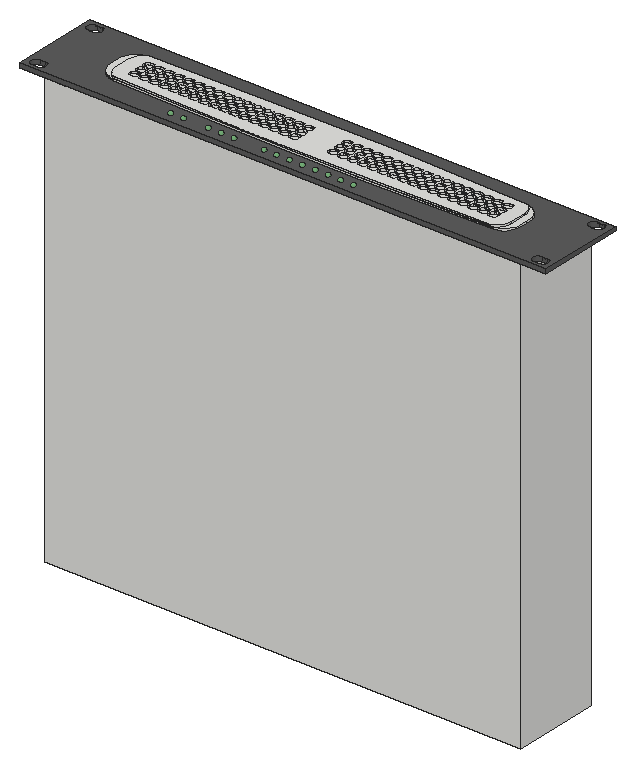
Revit family "Electronics_Amplifiers_Biamp_Vocia_Networked_VA-4300CV___", category Communication Devices, host Face, Revit 2020
Family settings
  Host = Face
  Maintain Annotation Orientation = No
  Round Connector Dimension = Use Diameter
  Part Type = Normal
  OmniClass Number = 23.85.10.11.14.14.17
  OmniClass Title = Sound Amplifiers
  Cut with Voids When Loaded = Yes
  Shared = No
  Room Calculation Point = No
Parameters (values of type "VA-4300CV")
  Width = 19.00"  # constant formula
  Weight = 22.30 lbf  # constant formula
  Watts per channel = "300W 70V/100V constant voltage"  # constant formula
  Voltage = 120 V
  URL = "https://www.biamp.com/"
  Total Output Power = "4x300W"  # constant formula
  Temperature Range = "18 - 108° F (-8°C - 42°C)"  # constant formula
  THD+N = "20Hz-20kHz, at rated power: < 0.3%"  # constant formula
  Signal to Noise Ratio = "20Hz-20kHz, unweighted at rated power: > 100dB"  # constant formula
  Product data url = "https://www.bimobject.com/biamp/product/vocia-va-4300cv_amplifier"
  Product Page URL = "https://www.biamp.com/products/product-families/vocia/vocia-amplifiers#vocia-va-4300cv"
  Product Documentation Link = "https://downloads.biamp.com/assets/docs/default-source/data-sheets/biamp_data_sheet_vocia_va-4300cv_oct18.pdf"
  Power Note = "Amplifier has battery back-up"  # constant formula
  Power Factor = 1
  Number of Poles = 1
  Network Connection = "Dual RJ-45 inputs for network redundancy"  # constant formula
  Model = "Vocia VA-4300CV"  # constant formula
  Manufacturer = "Biamp"  # constant formula
  Line monitoring = "Passive end of line monitoring (PLD-2), Active end of line monitoring (ELD-1), Impedance monitoring, Pilot tone generation"  # constant formula
  Intermodulation distortion = "SMPTE at continuous power: < 0.35% at 100V <0.65% at 70V"  # constant formula
  Inter-channel Isolation = "20Hz-20kHz at rated power: > 80dB"  # constant formula
  Inputs = "CobraNet 20 bits,  48kHz, 5-1/3ms (fixed)"  # constant formula
  Humidity = "0-95% relative humidity (non-condensing)"  # constant formula
  Housing Material = Biamp - Metal - Silver
  Height = 3.50"  # constant formula
  Frequency Response = "20Hz-20kHz: +/- 1dB"  # constant formula
  Failover Support = "Chassis or Channel 1:1, 3:1"  # constant formula
  Extended Audio Delay = "Up to 32 Seconds (10km) per channel"  # constant formula
  Description = "Vocia® VA-4300CV Networked Amplifier"  # constant formula
  Depth = 17.50"  # constant formula
  Default Elevation = 48.00"
  Current = 3.6 A
  Connector Description = "100-240VAC; 50/60Hz; 3.6-1.5A"  # constant formula
  Compliance = "EN 54-16 certified  FCC Part 15B (USA) CE Marked (Europe) RCM (Australia) RoHS Directive (Europe)"  # constant formula
  Channels = "4 – fixed"  # constant formula
  Assembly Code = ""
  Apparent Load = Current * Voltage  # 432 VA
  Amplifier Topology = "Class D"  # constant formula
  Altitude = "0-10,000 ft (0-3000m) MSL"  # constant formula
Reference planes (in)
  plane 1 "Center (Front/Back)": y = 0
  plane 2: z = 0
  plane 3 "Center (Left/Right)": x = 0
  plane 4: x = 20.06192
  plane 5: y = 1.40576
  plane 6: y = -1.40585
  plane 7: y = -1.75
  plane 8: y = 1.75
Forms (in)
  Extrusion 1, solid, material "Biamp - Metal - Silver" <- "Housing Material", detail levels medium+fine
    sketch origin (10.03141, -1.75, -6.93265) x (1, 0, 0) y (0, 1, 0)
      loop
        line (2.33416, 2.87125) -> (-2.33416, 2.87125)
        arc (-2.33416, 2.87125) -> (-4.9297, 2.84215) -> (-7.52393, 2.75486) r 115.76635
        arc (-7.52393, 2.75486) -> (-7.94905, 2.5935) -> (-8.19527, 2.21122) r 0.72733
        line (-8.19527, 2.21122) -> (-8.19527, 1.87684) -> (-8.19527, 1.51121)
        arc (-8.19527, 1.51121) -> (-7.94905, 1.12893) -> (-7.52393, 0.96757) r 0.72733
        arc (-7.52393, 0.96757) -> (-4.9297, 0.88028) -> (-2.33416, 0.85118) r 115.76635
        line (-2.33416, 0.85118) -> (2.33416, 0.85118)
        arc (2.33416, 0.85118) -> (4.9297, 0.88028) -> (7.52393, 0.96757) r 115.76635
        arc (7.52393, 0.96757) -> (7.94905, 1.12893) -> (8.19527, 1.51121) r 0.72733
        line (8.19527, 1.51121) -> (8.19527, 1.87684) -> (8.19527, 2.21122)
        arc (8.19527, 2.21122) -> (7.94905, 2.5935) -> (7.52393, 2.75486) r 0.72733
        arc (7.52393, 2.75486) -> (4.9297, 2.84215) -> (2.33416, 2.87125) r 115.76635
    from 7.09961 to 7.16
  Extrusion 2, solid, material "Biamp - Metal - Silver" <- "Housing Material", detail levels medium+fine
    sketch origin (10.03141, -1.75, -6.93265) x (1, 0, 0) y (0, 1, 0)
      loop
        line (2.02829, 2.84908) -> (-2.02829, 2.84908)
        arc (-2.02829, 2.84908) -> (-4.7778, 2.82372) -> (-7.52594, 2.73305) r 115.74395
        arc (-7.52594, 2.73305) -> (-7.79312, 2.52382) -> (-7.8941, 2.19985) r 0.57019
        line (-7.8941, 2.19985) -> (-7.8941, 1.50958)
        arc (-7.8941, 1.50958) -> (-7.78659, 1.189) -> (-7.50755, 0.99803) r 0.53175
        arc (-7.50755, 0.99803) -> (-4.76475, 0.90754) -> (-2.02057, 0.88211) r 115.74148
        line (-2.02057, 0.88211) -> (2.02057, 0.88211)
        arc (2.02057, 0.88211) -> (4.76475, 0.90754) -> (7.50755, 0.99803) r 115.74148
        arc (7.50755, 0.99803) -> (7.78659, 1.189) -> (7.8941, 1.50958) r 0.53175
        line (7.8941, 1.50958) -> (7.8941, 2.19985)
        arc (7.8941, 2.19985) -> (7.79312, 2.52382) -> (7.52594, 2.73305) r 0.57019
        arc (7.52594, 2.73305) -> (4.7778, 2.82372) -> (2.02829, 2.84908) r 115.74395
      loop
        arc (-0.56362, 2.25574) -> (-0.60272, 2.35013) -> (-0.6971, 2.38922) r 0.13348
        line (-0.6971, 2.38922) -> (-0.78821, 2.38922)
        arc (-0.78821, 2.38922) -> (-0.8826, 2.35013) -> (-0.9217, 2.25574) r 0.13348
        line (-0.9217, 2.25574) -> (-0.9217, 2.21476)
        arc (-0.9217, 2.21476) -> (-0.88078, 2.11599) -> (-0.78201, 2.07508) r 0.13968
        line (-0.78201, 2.07508) -> (-0.70331, 2.07508)
        arc (-0.70331, 2.07508) -> (-0.60454, 2.11599) -> (-0.56362, 2.21476) r 0.13968
        line (-0.56362, 2.21476) -> (-0.56362, 2.25574)
      loop
        arc (-0.96362, 2.25574) -> (-1.00272, 2.35013) -> (-1.0971, 2.38922) r 0.13348
        line (-1.0971, 2.38922) -> (-1.18821, 2.38922)
        arc (-1.18821, 2.38922) -> (-1.2826, 2.35013) -> (-1.3217, 2.25574) r 0.13348
        line (-1.3217, 2.25574) -> (-1.3217, 2.21476)
        arc (-1.3217, 2.21476) -> (-1.28078, 2.11599) -> (-1.18201, 2.07508) r 0.13968
        line (-1.18201, 2.07508) -> (-1.10331, 2.07508)
        arc (-1.10331, 2.07508) -> (-1.00454, 2.11599) -> (-0.96362, 2.21476) r 0.13968
        line (-0.96362, 2.21476) -> (-0.96362, 2.25574)
      loop
        arc (-1.36362, 2.25574) -> (-1.40272, 2.35013) -> (-1.4971, 2.38922) r 0.13348
        line (-1.4971, 2.38922) -> (-1.58821, 2.38922)
        arc (-1.58821, 2.38922) -> (-1.6826, 2.35013) -> (-1.7217, 2.25574) r 0.13348
        line (-1.7217, 2.25574) -> (-1.7217, 2.21476)
        arc (-1.7217, 2.21476) -> (-1.68078, 2.11599) -> (-1.58201, 2.07508) r 0.13968
        line (-1.58201, 2.07508) -> (-1.50331, 2.07508)
        arc (-1.50331, 2.07508) -> (-1.40454, 2.11599) -> (-1.36362, 2.21476) r 0.13968
        line (-1.36362, 2.21476) -> (-1.36362, 2.25574)
      loop
        arc (-1.76362, 2.25574) -> (-1.80272, 2.35013) -> (-1.8971, 2.38922) r 0.13348
        line (-1.8971, 2.38922) -> (-1.98821, 2.38922)
        arc (-1.98821, 2.38922) -> (-2.0826, 2.35013) -> (-2.1217, 2.25574) r 0.13348
        line (-2.1217, 2.25574) -> (-2.1217, 2.21476)
        arc (-2.1217, 2.21476) -> (-2.08078, 2.11599) -> (-1.98201, 2.07508) r 0.13968
        line (-1.98201, 2.07508) -> (-1.90331, 2.07508)
        arc (-1.90331, 2.07508) -> (-1.80454, 2.11599) -> (-1.76362, 2.21476) r 0.13968
        line (-1.76362, 2.21476) -> (-1.76362, 2.25574)
      loop
        arc (-2.16362, 2.25574) -> (-2.20272, 2.35013) -> (-2.2971, 2.38922) r 0.13348
        line (-2.2971, 2.38922) -> (-2.38821, 2.38922)
        arc (-2.38821, 2.38922) -> (-2.4826, 2.35013) -> (-2.5217, 2.25574) r 0.13348
        line (-2.5217, 2.25574) -> (-2.5217, 2.21476)
        arc (-2.5217, 2.21476) -> (-2.48078, 2.11599) -> (-2.38201, 2.07508) r 0.13968
        line (-2.38201, 2.07508) -> (-2.30331, 2.07508)
        arc (-2.30331, 2.07508) -> (-2.20454, 2.11599) -> (-2.16362, 2.21476) r 0.13968
        line (-2.16362, 2.21476) -> (-2.16362, 2.25574)
      loop
        arc (-2.56362, 2.25574) -> (-2.60272, 2.35013) -> (-2.6971, 2.38922) r 0.13348
        line (-2.6971, 2.38922) -> (-2.78821, 2.38922)
        arc (-2.78821, 2.38922) -> (-2.8826, 2.35013) -> (-2.9217, 2.25574) r 0.13348
        line (-2.9217, 2.25574) -> (-2.9217, 2.21476)
        arc (-2.9217, 2.21476) -> (-2.88078, 2.11599) -> (-2.78201, 2.07508) r 0.13968
        line (-2.78201, 2.07508) -> (-2.70331, 2.07508)
        arc (-2.70331, 2.07508) -> (-2.60454, 2.11599) -> (-2.56362, 2.21476) r 0.13968
        line (-2.56362, 2.21476) -> (-2.56362, 2.25574)
      loop
        arc (-2.96362, 2.25574) -> (-3.00272, 2.35013) -> (-3.0971, 2.38922) r 0.13348
        line (-3.0971, 2.38922) -> (-3.18821, 2.38922)
        arc (-3.18821, 2.38922) -> (-3.2826, 2.35013) -> (-3.3217, 2.25574) r 0.13348
        line (-3.3217, 2.25574) -> (-3.3217, 2.21476)
        arc (-3.3217, 2.21476) -> (-3.28078, 2.11599) -> (-3.18201, 2.07508) r 0.13968
        line (-3.18201, 2.07508) -> (-3.10331, 2.07508)
        arc (-3.10331, 2.07508) -> (-3.00454, 2.11599) -> (-2.96362, 2.21476) r 0.13968
        line (-2.96362, 2.21476) -> (-2.96362, 2.25574)
      loop
        arc (-3.36362, 2.25574) -> (-3.40272, 2.35013) -> (-3.4971, 2.38922) r 0.13348
        line (-3.4971, 2.38922) -> (-3.58821, 2.38922)
        arc (-3.58821, 2.38922) -> (-3.6826, 2.35013) -> (-3.7217, 2.25574) r 0.13348
        line (-3.7217, 2.25574) -> (-3.7217, 2.21476)
        arc (-3.7217, 2.21476) -> (-3.68078, 2.11599) -> (-3.58201, 2.07508) r 0.13968
        line (-3.58201, 2.07508) -> (-3.50331, 2.07508)
        arc (-3.50331, 2.07508) -> (-3.40454, 2.11599) -> (-3.36362, 2.21476) r 0.13968
        line (-3.36362, 2.21476) -> (-3.36362, 2.25574)
      loop
        arc (-3.76362, 2.25574) -> (-3.80272, 2.35013) -> (-3.8971, 2.38922) r 0.13348
        line (-3.8971, 2.38922) -> (-3.98821, 2.38922)
        arc (-3.98821, 2.38922) -> (-4.0826, 2.35013) -> (-4.1217, 2.25574) r 0.13348
        line (-4.1217, 2.25574) -> (-4.1217, 2.21476)
        arc (-4.1217, 2.21476) -> (-4.08078, 2.11599) -> (-3.98201, 2.07508) r 0.13968
        line (-3.98201, 2.07508) -> (-3.90331, 2.07508)
        arc (-3.90331, 2.07508) -> (-3.80454, 2.11599) -> (-3.76362, 2.21476) r 0.13968
        line (-3.76362, 2.21476) -> (-3.76362, 2.25574)
      loop
        arc (-4.16362, 2.25574) -> (-4.20272, 2.35013) -> (-4.2971, 2.38922) r 0.13348
        line (-4.2971, 2.38922) -> (-4.38821, 2.38922)
        arc (-4.38821, 2.38922) -> (-4.4826, 2.35013) -> (-4.5217, 2.25574) r 0.13348
        line (-4.5217, 2.25574) -> (-4.5217, 2.21476)
        arc (-4.5217, 2.21476) -> (-4.48078, 2.11599) -> (-4.38201, 2.07508) r 0.13968
        line (-4.38201, 2.07508) -> (-4.30331, 2.07508)
        arc (-4.30331, 2.07508) -> (-4.20454, 2.11599) -> (-4.16362, 2.21476) r 0.13968
        line (-4.16362, 2.21476) -> (-4.16362, 2.25574)
      loop
        arc (-4.56362, 2.25574) -> (-4.60272, 2.35013) -> (-4.6971, 2.38922) r 0.13348
        line (-4.6971, 2.38922) -> (-4.78821, 2.38922)
        arc (-4.78821, 2.38922) -> (-4.8826, 2.35013) -> (-4.9217, 2.25574) r 0.13348
        line (-4.9217, 2.25574) -> (-4.9217, 2.21476)
        arc (-4.9217, 2.21476) -> (-4.88078, 2.11599) -> (-4.78201, 2.07508) r 0.13968
        line (-4.78201, 2.07508) -> (-4.70331, 2.07508)
        arc (-4.70331, 2.07508) -> (-4.60454, 2.11599) -> (-4.56362, 2.21476) r 0.13968
        line (-4.56362, 2.21476) -> (-4.56362, 2.25574)
      loop
        arc (-4.96362, 2.25574) -> (-5.00272, 2.35013) -> (-5.0971, 2.38922) r 0.13348
        line (-5.0971, 2.38922) -> (-5.18821, 2.38922)
        arc (-5.18821, 2.38922) -> (-5.2826, 2.35013) -> (-5.3217, 2.25574) r 0.13348
        line (-5.3217, 2.25574) -> (-5.3217, 2.21476)
        arc (-5.3217, 2.21476) -> (-5.28078, 2.11599) -> (-5.18201, 2.07508) r 0.13968
        line (-5.18201, 2.07508) -> (-5.10331, 2.07508)
        arc (-5.10331, 2.07508) -> (-5.00454, 2.11599) -> (-4.96362, 2.21476) r 0.13968
        line (-4.96362, 2.21476) -> (-4.96362, 2.25574)
      loop
        arc (-5.36362, 2.25574) -> (-5.40272, 2.35013) -> (-5.4971, 2.38922) r 0.13348
        line (-5.4971, 2.38922) -> (-5.58821, 2.38922)
        arc (-5.58821, 2.38922) -> (-5.6826, 2.35013) -> (-5.7217, 2.25574) r 0.13348
        line (-5.7217, 2.25574) -> (-5.7217, 2.21476)
        arc (-5.7217, 2.21476) -> (-5.68078, 2.11599) -> (-5.58201, 2.07508) r 0.13968
        line (-5.58201, 2.07508) -> (-5.50331, 2.07508)
        arc (-5.50331, 2.07508) -> (-5.40454, 2.11599) -> (-5.36362, 2.21476) r 0.13968
        line (-5.36362, 2.21476) -> (-5.36362, 2.25574)
      loop
        arc (-5.76362, 2.25574) -> (-5.80272, 2.35013) -> (-5.8971, 2.38922) r 0.13348
        line (-5.8971, 2.38922) -> (-5.98821, 2.38922)
        arc (-5.98821, 2.38922) -> (-6.0826, 2.35013) -> (-6.1217, 2.25574) r 0.13348
        line (-6.1217, 2.25574) -> (-6.1217, 2.21476)
        arc (-6.1217, 2.21476) -> (-6.08078, 2.11599) -> (-5.98201, 2.07508) r 0.13968
        line (-5.98201, 2.07508) -> (-5.90331, 2.07508)
        arc (-5.90331, 2.07508) -> (-5.80454, 2.11599) -> (-5.76362, 2.21476) r 0.13968
        line (-5.76362, 2.21476) -> (-5.76362, 2.25574)
      loop
        arc (-6.16362, 2.25574) -> (-6.20272, 2.35013) -> (-6.2971, 2.38922) r 0.13348
        line (-6.2971, 2.38922) -> (-6.38821, 2.38922)
        arc (-6.38821, 2.38922) -> (-6.4826, 2.35013) -> (-6.5217, 2.25574) r 0.13348
        line (-6.5217, 2.25574) -> (-6.5217, 2.21476)
        arc (-6.5217, 2.21476) -> (-6.48078, 2.11599) -> (-6.38201, 2.07508) r 0.13968
        line (-6.38201, 2.07508) -> (-6.30331, 2.07508)
        arc (-6.30331, 2.07508) -> (-6.20454, 2.11599) -> (-6.16362, 2.21476) r 0.13968
        line (-6.16362, 2.21476) -> (-6.16362, 2.25574)
      loop
        arc (-6.56362, 2.25574) -> (-6.60272, 2.35013) -> (-6.6971, 2.38922) r 0.13348
        line (-6.6971, 2.38922) -> (-6.78821, 2.38922)
        arc (-6.78821, 2.38922) -> (-6.8826, 2.35013) -> (-6.9217, 2.25574) r 0.13348
        line (-6.9217, 2.25574) -> (-6.9217, 2.21476)
        arc (-6.9217, 2.21476) -> (-6.88078, 2.11599) -> (-6.78201, 2.07508) r 0.13968
        line (-6.78201, 2.07508) -> (-6.70331, 2.07508)
        arc (-6.70331, 2.07508) -> (-6.60454, 2.11599) -> (-6.56362, 2.21476) r 0.13968
        line (-6.56362, 2.21476) -> (-6.56362, 2.25574)
      loop
        arc (-6.96362, 2.25574) -> (-7.00272, 2.35013) -> (-7.0971, 2.38922) r 0.13348
        line (-7.0971, 2.38922) -> (-7.18821, 2.38922)
        arc (-7.18821, 2.38922) -> (-7.2826, 2.35013) -> (-7.3217, 2.25574) r 0.13348
        line (-7.3217, 2.25574) -> (-7.3217, 2.21476)
        arc (-7.3217, 2.21476) -> (-7.28078, 2.11599) -> (-7.18201, 2.07508) r 0.13968
        line (-7.18201, 2.07508) -> (-7.10331, 2.07508)
        arc (-7.10331, 2.07508) -> (-7.00454, 2.11599) -> (-6.96362, 2.21476) r 0.13968
        line (-6.96362, 2.21476) -> (-6.96362, 2.25574)
      loop
        arc (-0.56362, 1.90574) -> (-0.60272, 2.00013) -> (-0.6971, 2.03922) r 0.13348
        line (-0.6971, 2.03922) -> (-0.78821, 2.03922)
        arc (-0.78821, 2.03922) -> (-0.8826, 2.00013) -> (-0.9217, 1.90574) r 0.13348
        line (-0.9217, 1.90574) -> (-0.9217, 1.86476)
        arc (-0.9217, 1.86476) -> (-0.88078, 1.76599) -> (-0.78201, 1.72508) r 0.13968
        line (-0.78201, 1.72508) -> (-0.70331, 1.72508)
        arc (-0.70331, 1.72508) -> (-0.60454, 1.76599) -> (-0.56362, 1.86476) r 0.13968
        line (-0.56362, 1.86476) -> (-0.56362, 1.90574)
      loop
        arc (-0.96362, 1.90574) -> (-1.00272, 2.00013) -> (-1.0971, 2.03922) r 0.13348
        line (-1.0971, 2.03922) -> (-1.18821, 2.03922)
        arc (-1.18821, 2.03922) -> (-1.2826, 2.00013) -> (-1.3217, 1.90574) r 0.13348
        line (-1.3217, 1.90574) -> (-1.3217, 1.86476)
        arc (-1.3217, 1.86476) -> (-1.28078, 1.76599) -> (-1.18201, 1.72508) r 0.13968
        line (-1.18201, 1.72508) -> (-1.10331, 1.72508)
        arc (-1.10331, 1.72508) -> (-1.00454, 1.76599) -> (-0.96362, 1.86476) r 0.13968
        line (-0.96362, 1.86476) -> (-0.96362, 1.90574)
      loop
        arc (-1.36362, 1.90574) -> (-1.40272, 2.00013) -> (-1.4971, 2.03922) r 0.13348
        line (-1.4971, 2.03922) -> (-1.58821, 2.03922)
        arc (-1.58821, 2.03922) -> (-1.6826, 2.00013) -> (-1.7217, 1.90574) r 0.13348
        line (-1.7217, 1.90574) -> (-1.7217, 1.86476)
        arc (-1.7217, 1.86476) -> (-1.68078, 1.76599) -> (-1.58201, 1.72508) r 0.13968
        line (-1.58201, 1.72508) -> (-1.50331, 1.72508)
        arc (-1.50331, 1.72508) -> (-1.40454, 1.76599) -> (-1.36362, 1.86476) r 0.13968
        line (-1.36362, 1.86476) -> (-1.36362, 1.90574)
      loop
        arc (-1.76362, 1.90574) -> (-1.80272, 2.00013) -> (-1.8971, 2.03922) r 0.13348
        line (-1.8971, 2.03922) -> (-1.98821, 2.03922)
        arc (-1.98821, 2.03922) -> (-2.0826, 2.00013) -> (-2.1217, 1.90574) r 0.13348
        line (-2.1217, 1.90574) -> (-2.1217, 1.86476)
        arc (-2.1217, 1.86476) -> (-2.08078, 1.76599) -> (-1.98201, 1.72508) r 0.13968
        line (-1.98201, 1.72508) -> (-1.90331, 1.72508)
        arc (-1.90331, 1.72508) -> (-1.80454, 1.76599) -> (-1.76362, 1.86476) r 0.13968
        line (-1.76362, 1.86476) -> (-1.76362, 1.90574)
      loop
        arc (-2.16362, 1.90574) -> (-2.20272, 2.00013) -> (-2.2971, 2.03922) r 0.13348
        line (-2.2971, 2.03922) -> (-2.38821, 2.03922)
        arc (-2.38821, 2.03922) -> (-2.4826, 2.00013) -> (-2.5217, 1.90574) r 0.13348
        line (-2.5217, 1.90574) -> (-2.5217, 1.86476)
        arc (-2.5217, 1.86476) -> (-2.48078, 1.76599) -> (-2.38201, 1.72508) r 0.13968
        line (-2.38201, 1.72508) -> (-2.30331, 1.72508)
        arc (-2.30331, 1.72508) -> (-2.20454, 1.76599) -> (-2.16362, 1.86476) r 0.13968
        line (-2.16362, 1.86476) -> (-2.16362, 1.90574)
      loop
        arc (-2.56362, 1.90574) -> (-2.60272, 2.00013) -> (-2.6971, 2.03922) r 0.13348
        line (-2.6971, 2.03922) -> (-2.78821, 2.03922)
        arc (-2.78821, 2.03922) -> (-2.8826, 2.00013) -> (-2.9217, 1.90574) r 0.13348
        line (-2.9217, 1.90574) -> (-2.9217, 1.86476)
        arc (-2.9217, 1.86476) -> (-2.88078, 1.76599) -> (-2.78201, 1.72508) r 0.13968
        line (-2.78201, 1.72508) -> (-2.70331, 1.72508)
        arc (-2.70331, 1.72508) -> (-2.60454, 1.76599) -> (-2.56362, 1.86476) r 0.13968
        line (-2.56362, 1.86476) -> (-2.56362, 1.90574)
      loop
        arc (-2.96362, 1.90574) -> (-3.00272, 2.00013) -> (-3.0971, 2.03922) r 0.13348
        line (-3.0971, 2.03922) -> (-3.18821, 2.03922)
        arc (-3.18821, 2.03922) -> (-3.2826, 2.00013) -> (-3.3217, 1.90574) r 0.13348
        line (-3.3217, 1.90574) -> (-3.3217, 1.86476)
        arc (-3.3217, 1.86476) -> (-3.28078, 1.76599) -> (-3.18201, 1.72508) r 0.13968
        line (-3.18201, 1.72508) -> (-3.10331, 1.72508)
        arc (-3.10331, 1.72508) -> (-3.00454, 1.76599) -> (-2.96362, 1.86476) r 0.13968
        line (-2.96362, 1.86476) -> (-2.96362, 1.90574)
      loop
        arc (-3.36362, 1.90574) -> (-3.40272, 2.00013) -> (-3.4971, 2.03922) r 0.13348
        line (-3.4971, 2.03922) -> (-3.58821, 2.03922)
        arc (-3.58821, 2.03922) -> (-3.6826, 2.00013) -> (-3.7217, 1.90574) r 0.13348
        line (-3.7217, 1.90574) -> (-3.7217, 1.86476)
        arc (-3.7217, 1.86476) -> (-3.68078, 1.76599) -> (-3.58201, 1.72508) r 0.13968
        line (-3.58201, 1.72508) -> (-3.50331, 1.72508)
        arc (-3.50331, 1.72508) -> (-3.40454, 1.76599) -> (-3.36362, 1.86476) r 0.13968
        line (-3.36362, 1.86476) -> (-3.36362, 1.90574)
      loop
        arc (-3.76362, 1.90574) -> (-3.80272, 2.00013) -> (-3.8971, 2.03922) r 0.13348
        line (-3.8971, 2.03922) -> (-3.98821, 2.03922)
        arc (-3.98821, 2.03922) -> (-4.0826, 2.00013) -> (-4.1217, 1.90574) r 0.13348
        line (-4.1217, 1.90574) -> (-4.1217, 1.86476)
        arc (-4.1217, 1.86476) -> (-4.08078, 1.76599) -> (-3.98201, 1.72508) r 0.13968
        line (-3.98201, 1.72508) -> (-3.90331, 1.72508)
        arc (-3.90331, 1.72508) -> (-3.80454, 1.76599) -> (-3.76362, 1.86476) r 0.13968
        line (-3.76362, 1.86476) -> (-3.76362, 1.90574)
      loop
        arc (-4.16362, 1.90574) -> (-4.20272, 2.00013) -> (-4.2971, 2.03922) r 0.13348
        line (-4.2971, 2.03922) -> (-4.38821, 2.03922)
        arc (-4.38821, 2.03922) -> (-4.4826, 2.00013) -> (-4.5217, 1.90574) r 0.13348
        line (-4.5217, 1.90574) -> (-4.5217, 1.86476)
        arc (-4.5217, 1.86476) -> (-4.48078, 1.76599) -> (-4.38201, 1.72508) r 0.13968
        line (-4.38201, 1.72508) -> (-4.30331, 1.72508)
        arc (-4.30331, 1.72508) -> (-4.20454, 1.76599) -> (-4.16362, 1.86476) r 0.13968
        line (-4.16362, 1.86476) -> (-4.16362, 1.90574)
      loop
        arc (-4.56362, 1.90574) -> (-4.60272, 2.00013) -> (-4.6971, 2.03922) r 0.13348
        line (-4.6971, 2.03922) -> (-4.78821, 2.03922)
        arc (-4.78821, 2.03922) -> (-4.8826, 2.00013) -> (-4.9217, 1.90574) r 0.13348
        line (-4.9217, 1.90574) -> (-4.9217, 1.86476)
        arc (-4.9217, 1.86476) -> (-4.88078, 1.76599) -> (-4.78201, 1.72508) r 0.13968
        line (-4.78201, 1.72508) -> (-4.70331, 1.72508)
        arc (-4.70331, 1.72508) -> (-4.60454, 1.76599) -> (-4.56362, 1.86476) r 0.13968
        line (-4.56362, 1.86476) -> (-4.56362, 1.90574)
      loop
        arc (-4.96362, 1.90574) -> (-5.00272, 2.00013) -> (-5.0971, 2.03922) r 0.13348
        line (-5.0971, 2.03922) -> (-5.18821, 2.03922)
        arc (-5.18821, 2.03922) -> (-5.2826, 2.00013) -> (-5.3217, 1.90574) r 0.13348
        line (-5.3217, 1.90574) -> (-5.3217, 1.86476)
        arc (-5.3217, 1.86476) -> (-5.28078, 1.76599) -> (-5.18201, 1.72508) r 0.13968
        line (-5.18201, 1.72508) -> (-5.10331, 1.72508)
        arc (-5.10331, 1.72508) -> (-5.00454, 1.76599) -> (-4.96362, 1.86476) r 0.13968
        line (-4.96362, 1.86476) -> (-4.96362, 1.90574)
      loop
        arc (-5.36362, 1.90574) -> (-5.40272, 2.00013) -> (-5.4971, 2.03922) r 0.13348
        line (-5.4971, 2.03922) -> (-5.58821, 2.03922)
        arc (-5.58821, 2.03922) -> (-5.6826, 2.00013) -> (-5.7217, 1.90574) r 0.13348
        line (-5.7217, 1.90574) -> (-5.7217, 1.86476)
        arc (-5.7217, 1.86476) -> (-5.68078, 1.76599) -> (-5.58201, 1.72508) r 0.13968
        line (-5.58201, 1.72508) -> (-5.50331, 1.72508)
        arc (-5.50331, 1.72508) -> (-5.40454, 1.76599) -> (-5.36362, 1.86476) r 0.13968
        line (-5.36362, 1.86476) -> (-5.36362, 1.90574)
      loop
        arc (-5.76362, 1.90574) -> (-5.80272, 2.00013) -> (-5.8971, 2.03922) r 0.13348
        line (-5.8971, 2.03922) -> (-5.98821, 2.03922)
        arc (-5.98821, 2.03922) -> (-6.0826, 2.00013) -> (-6.1217, 1.90574) r 0.13348
        line (-6.1217, 1.90574) -> (-6.1217, 1.86476)
        arc (-6.1217, 1.86476) -> (-6.08078, 1.76599) -> (-5.98201, 1.72508) r 0.13968
        line (-5.98201, 1.72508) -> (-5.90331, 1.72508)
        arc (-5.90331, 1.72508) -> (-5.80454, 1.76599) -> (-5.76362, 1.86476) r 0.13968
        line (-5.76362, 1.86476) -> (-5.76362, 1.90574)
      loop
        arc (-6.16362, 1.90574) -> (-6.20272, 2.00013) -> (-6.2971, 2.03922) r 0.13348
        line (-6.2971, 2.03922) -> (-6.38821, 2.03922)
        arc (-6.38821, 2.03922) -> (-6.4826, 2.00013) -> (-6.5217, 1.90574) r 0.13348
        line (-6.5217, 1.90574) -> (-6.5217, 1.86476)
        arc (-6.5217, 1.86476) -> (-6.48078, 1.76599) -> (-6.38201, 1.72508) r 0.13968
        line (-6.38201, 1.72508) -> (-6.30331, 1.72508)
        arc (-6.30331, 1.72508) -> (-6.20454, 1.76599) -> (-6.16362, 1.86476) r 0.13968
        line (-6.16362, 1.86476) -> (-6.16362, 1.90574)
      loop
        arc (-6.56362, 1.90574) -> (-6.60272, 2.00013) -> (-6.6971, 2.03922) r 0.13348
        line (-6.6971, 2.03922) -> (-6.78821, 2.03922)
        arc (-6.78821, 2.03922) -> (-6.8826, 2.00013) -> (-6.9217, 1.90574) r 0.13348
        line (-6.9217, 1.90574) -> (-6.9217, 1.86476)
        arc (-6.9217, 1.86476) -> (-6.88078, 1.76599) -> (-6.78201, 1.72508) r 0.13968
        line (-6.78201, 1.72508) -> (-6.70331, 1.72508)
        arc (-6.70331, 1.72508) -> (-6.60454, 1.76599) -> (-6.56362, 1.86476) r 0.13968
        line (-6.56362, 1.86476) -> (-6.56362, 1.90574)
      loop
        arc (-6.96362, 1.90574) -> (-7.00272, 2.00013) -> (-7.0971, 2.03922) r 0.13348
        line (-7.0971, 2.03922) -> (-7.18821, 2.03922)
        arc (-7.18821, 2.03922) -> (-7.2826, 2.00013) -> (-7.3217, 1.90574) r 0.13348
        line (-7.3217, 1.90574) -> (-7.3217, 1.86476)
        arc (-7.3217, 1.86476) -> (-7.28078, 1.76599) -> (-7.18201, 1.72508) r 0.13968
        line (-7.18201, 1.72508) -> (-7.10331, 1.72508)
        arc (-7.10331, 1.72508) -> (-7.00454, 1.76599) -> (-6.96362, 1.86476) r 0.13968
        line (-6.96362, 1.86476) -> (-6.96362, 1.90574)
      loop
        arc (-0.56362, 1.55574) -> (-0.60272, 1.65013) -> (-0.6971, 1.68922) r 0.13348
        line (-0.6971, 1.68922) -> (-0.78821, 1.68922)
        arc (-0.78821, 1.68922) -> (-0.8826, 1.65013) -> (-0.9217, 1.55574) r 0.13348
        line (-0.9217, 1.55574) -> (-0.9217, 1.51476)
        arc (-0.9217, 1.51476) -> (-0.88078, 1.41599) -> (-0.78201, 1.37508) r 0.13968
        line (-0.78201, 1.37508) -> (-0.70331, 1.37508)
        arc (-0.70331, 1.37508) -> (-0.60454, 1.41599) -> (-0.56362, 1.51476) r 0.13968
        line (-0.56362, 1.51476) -> (-0.56362, 1.55574)
      loop
        arc (-0.96362, 1.55574) -> (-1.00272, 1.65013) -> (-1.0971, 1.68922) r 0.13348
        line (-1.0971, 1.68922) -> (-1.18821, 1.68922)
        arc (-1.18821, 1.68922) -> (-1.2826, 1.65013) -> (-1.3217, 1.55574) r 0.13348
        line (-1.3217, 1.55574) -> (-1.3217, 1.51476)
        arc (-1.3217, 1.51476) -> (-1.28078, 1.41599) -> (-1.18201, 1.37508) r 0.13968
        line (-1.18201, 1.37508) -> (-1.10331, 1.37508)
        arc (-1.10331, 1.37508) -> (-1.00454, 1.41599) -> (-0.96362, 1.51476) r 0.13968
        line (-0.96362, 1.51476) -> (-0.96362, 1.55574)
      loop
        arc (-1.36362, 1.55574) -> (-1.40272, 1.65013) -> (-1.4971, 1.68922) r 0.13348
        line (-1.4971, 1.68922) -> (-1.58821, 1.68922)
        arc (-1.58821, 1.68922) -> (-1.6826, 1.65013) -> (-1.7217, 1.55574) r 0.13348
        line (-1.7217, 1.55574) -> (-1.7217, 1.51476)
        arc (-1.7217, 1.51476) -> (-1.68078, 1.41599) -> (-1.58201, 1.37508) r 0.13968
        line (-1.58201, 1.37508) -> (-1.50331, 1.37508)
        arc (-1.50331, 1.37508) -> (-1.40454, 1.41599) -> (-1.36362, 1.51476) r 0.13968
        line (-1.36362, 1.51476) -> (-1.36362, 1.55574)
      loop
        arc (-1.76362, 1.55574) -> (-1.80272, 1.65013) -> (-1.8971, 1.68922) r 0.13348
        line (-1.8971, 1.68922) -> (-1.98821, 1.68922)
        arc (-1.98821, 1.68922) -> (-2.0826, 1.65013) -> (-2.1217, 1.55574) r 0.13348
        line (-2.1217, 1.55574) -> (-2.1217, 1.51476)
        arc (-2.1217, 1.51476) -> (-2.08078, 1.41599) -> (-1.98201, 1.37508) r 0.13968
        line (-1.98201, 1.37508) -> (-1.90331, 1.37508)
        arc (-1.90331, 1.37508) -> (-1.80454, 1.41599) -> (-1.76362, 1.51476) r 0.13968
        line (-1.76362, 1.51476) -> (-1.76362, 1.55574)
      loop
        arc (-2.16362, 1.55574) -> (-2.20272, 1.65013) -> (-2.2971, 1.68922) r 0.13348
        line (-2.2971, 1.68922) -> (-2.38821, 1.68922)
        arc (-2.38821, 1.68922) -> (-2.4826, 1.65013) -> (-2.5217, 1.55574) r 0.13348
        line (-2.5217, 1.55574) -> (-2.5217, 1.51476)
        arc (-2.5217, 1.51476) -> (-2.48078, 1.41599) -> (-2.38201, 1.37508) r 0.13968
        line (-2.38201, 1.37508) -> (-2.30331, 1.37508)
        arc (-2.30331, 1.37508) -> (-2.20454, 1.41599) -> (-2.16362, 1.51476) r 0.13968
        line (-2.16362, 1.51476) -> (-2.16362, 1.55574)
      loop
        arc (-2.56362, 1.55574) -> (-2.60272, 1.65013) -> (-2.6971, 1.68922) r 0.13348
        line (-2.6971, 1.68922) -> (-2.78821, 1.68922)
        arc (-2.78821, 1.68922) -> (-2.8826, 1.65013) -> (-2.9217, 1.55574) r 0.13348
        line (-2.9217, 1.55574) -> (-2.9217, 1.51476)
        arc (-2.9217, 1.51476) -> (-2.88078, 1.41599) -> (-2.78201, 1.37508) r 0.13968
        line (-2.78201, 1.37508) -> (-2.70331, 1.37508)
        arc (-2.70331, 1.37508) -> (-2.60454, 1.41599) -> (-2.56362, 1.51476) r 0.13968
        line (-2.56362, 1.51476) -> (-2.56362, 1.55574)
      loop
        arc (-2.96362, 1.55574) -> (-3.00272, 1.65013) -> (-3.0971, 1.68922) r 0.13348
        line (-3.0971, 1.68922) -> (-3.18821, 1.68922)
        arc (-3.18821, 1.68922) -> (-3.2826, 1.65013) -> (-3.3217, 1.55574) r 0.13348
        line (-3.3217, 1.55574) -> (-3.3217, 1.51476)
        arc (-3.3217, 1.51476) -> (-3.28078, 1.41599) -> (-3.18201, 1.37508) r 0.13968
        line (-3.18201, 1.37508) -> (-3.10331, 1.37508)
        arc (-3.10331, 1.37508) -> (-3.00454, 1.41599) -> (-2.96362, 1.51476) r 0.13968
        line (-2.96362, 1.51476) -> (-2.96362, 1.55574)
      loop
        arc (-3.36362, 1.55574) -> (-3.40272, 1.65013) -> (-3.4971, 1.68922) r 0.13348
        line (-3.4971, 1.68922) -> (-3.58821, 1.68922)
        arc (-3.58821, 1.68922) -> (-3.6826, 1.65013) -> (-3.7217, 1.55574) r 0.13348
        line (-3.7217, 1.55574) -> (-3.7217, 1.51476)
        arc (-3.7217, 1.51476) -> (-3.68078, 1.41599) -> (-3.58201, 1.37508) r 0.13968
        line (-3.58201, 1.37508) -> (-3.50331, 1.37508)
        arc (-3.50331, 1.37508) -> (-3.40454, 1.41599) -> (-3.36362, 1.51476) r 0.13968
        line (-3.36362, 1.51476) -> (-3.36362, 1.55574)
      loop
        arc (-3.76362, 1.55574) -> (-3.80272, 1.65013) -> (-3.8971, 1.68922) r 0.13348
        line (-3.8971, 1.68922) -> (-3.98821, 1.68922)
        arc (-3.98821, 1.68922) -> (-4.0826, 1.65013) -> (-4.1217, 1.55574) r 0.13348
        line (-4.1217, 1.55574) -> (-4.1217, 1.51476)
        arc (-4.1217, 1.51476) -> (-4.08078, 1.41599) -> (-3.98201, 1.37508) r 0.13968
        line (-3.98201, 1.37508) -> (-3.90331, 1.37508)
        arc (-3.90331, 1.37508) -> (-3.80454, 1.41599) -> (-3.76362, 1.51476) r 0.13968
        line (-3.76362, 1.51476) -> (-3.76362, 1.55574)
      loop
        arc (-4.16362, 1.55574) -> (-4.20272, 1.65013) -> (-4.2971, 1.68922) r 0.13348
        line (-4.2971, 1.68922) -> (-4.38821, 1.68922)
        arc (-4.38821, 1.68922) -> (-4.4826, 1.65013) -> (-4.5217, 1.55574) r 0.13348
        line (-4.5217, 1.55574) -> (-4.5217, 1.51476)
        arc (-4.5217, 1.51476) -> (-4.48078, 1.41599) -> (-4.38201, 1.37508) r 0.13968
        line (-4.38201, 1.37508) -> (-4.30331, 1.37508)
        arc (-4.30331, 1.37508) -> (-4.20454, 1.41599) -> (-4.16362, 1.51476) r 0.13968
        line (-4.16362, 1.51476) -> (-4.16362, 1.55574)
      loop
        arc (-4.56362, 1.55574) -> (-4.60272, 1.65013) -> (-4.6971, 1.68922) r 0.13348
        line (-4.6971, 1.68922) -> (-4.78821, 1.68922)
        arc (-4.78821, 1.68922) -> (-4.8826, 1.65013) -> (-4.9217, 1.55574) r 0.13348
        line (-4.9217, 1.55574) -> (-4.9217, 1.51476)
        arc (-4.9217, 1.51476) -> (-4.88078, 1.41599) -> (-4.78201, 1.37508) r 0.13968
        line (-4.78201, 1.37508) -> (-4.70331, 1.37508)
        arc (-4.70331, 1.37508) -> (-4.60454, 1.41599) -> (-4.56362, 1.51476) r 0.13968
        line (-4.56362, 1.51476) -> (-4.56362, 1.55574)
      loop
        arc (-4.96362, 1.55574) -> (-5.00272, 1.65013) -> (-5.0971, 1.68922) r 0.13348
        line (-5.0971, 1.68922) -> (-5.18821, 1.68922)
        arc (-5.18821, 1.68922) -> (-5.2826, 1.65013) -> (-5.3217, 1.55574) r 0.13348
        line (-5.3217, 1.55574) -> (-5.3217, 1.51476)
        arc (-5.3217, 1.51476) -> (-5.28078, 1.41599) -> (-5.18201, 1.37508) r 0.13968
        line (-5.18201, 1.37508) -> (-5.10331, 1.37508)
        arc (-5.10331, 1.37508) -> (-5.00454, 1.41599) -> (-4.96362, 1.51476) r 0.13968
        line (-4.96362, 1.51476) -> (-4.96362, 1.55574)
      loop
        arc (-5.36362, 1.55574) -> (-5.40272, 1.65013) -> (-5.4971, 1.68922) r 0.13348
        line (-5.4971, 1.68922) -> (-5.58821, 1.68922)
        arc (-5.58821, 1.68922) -> (-5.6826, 1.65013) -> (-5.7217, 1.55574) r 0.13348
        line (-5.7217, 1.55574) -> (-5.7217, 1.51476)
        arc (-5.7217, 1.51476) -> (-5.68078, 1.41599) -> (-5.58201, 1.37508) r 0.13968
        line (-5.58201, 1.37508) -> (-5.50331, 1.37508)
        arc (-5.50331, 1.37508) -> (-5.40454, 1.41599) -> (-5.36362, 1.51476) r 0.13968
        line (-5.36362, 1.51476) -> (-5.36362, 1.55574)
      loop
        arc (-5.76362, 1.55574) -> (-5.80272, 1.65013) -> (-5.8971, 1.68922) r 0.13348
        line (-5.8971, 1.68922) -> (-5.98821, 1.68922)
        arc (-5.98821, 1.68922) -> (-6.0826, 1.65013) -> (-6.1217, 1.55574) r 0.13348
        line (-6.1217, 1.55574) -> (-6.1217, 1.51476)
        arc (-6.1217, 1.51476) -> (-6.08078, 1.41599) -> (-5.98201, 1.37508) r 0.13968
        line (-5.98201, 1.37508) -> (-5.90331, 1.37508)
        arc (-5.90331, 1.37508) -> (-5.80454, 1.41599) -> (-5.76362, 1.51476) r 0.13968
        line (-5.76362, 1.51476) -> (-5.76362, 1.55574)
      loop
        arc (-6.16362, 1.55574) -> (-6.20272, 1.65013) -> (-6.2971, 1.68922) r 0.13348
        line (-6.2971, 1.68922) -> (-6.38821, 1.68922)
        arc (-6.38821, 1.68922) -> (-6.4826, 1.65013) -> (-6.5217, 1.55574) r 0.13348
        line (-6.5217, 1.55574) -> (-6.5217, 1.51476)
        arc (-6.5217, 1.51476) -> (-6.48078, 1.41599) -> (-6.38201, 1.37508) r 0.13968
        line (-6.38201, 1.37508) -> (-6.30331, 1.37508)
        arc (-6.30331, 1.37508) -> (-6.20454, 1.41599) -> (-6.16362, 1.51476) r 0.13968
        line (-6.16362, 1.51476) -> (-6.16362, 1.55574)
      loop
        arc (-6.56362, 1.55574) -> (-6.60272, 1.65013) -> (-6.6971, 1.68922) r 0.13348
        line (-6.6971, 1.68922) -> (-6.78821, 1.68922)
        arc (-6.78821, 1.68922) -> (-6.8826, 1.65013) -> (-6.9217, 1.55574) r 0.13348
        line (-6.9217, 1.55574) -> (-6.9217, 1.51476)
        arc (-6.9217, 1.51476) -> (-6.88078, 1.41599) -> (-6.78201, 1.37508) r 0.13968
        line (-6.78201, 1.37508) -> (-6.70331, 1.37508)
        arc (-6.70331, 1.37508) -> (-6.60454, 1.41599) -> (-6.56362, 1.51476) r 0.13968
        line (-6.56362, 1.51476) -> (-6.56362, 1.55574)
      loop
        arc (-6.96362, 1.55574) -> (-7.00272, 1.65013) -> (-7.0971, 1.68922) r 0.13348
        line (-7.0971, 1.68922) -> (-7.18821, 1.68922)
        arc (-7.18821, 1.68922) -> (-7.2826, 1.65013) -> (-7.3217, 1.55574) r 0.13348
        line (-7.3217, 1.55574) -> (-7.3217, 1.51476)
        arc (-7.3217, 1.51476) -> (-7.28078, 1.41599) -> (-7.18201, 1.37508) r 0.13968
        line (-7.18201, 1.37508) -> (-7.10331, 1.37508)
        arc (-7.10331, 1.37508) -> (-7.00454, 1.41599) -> (-6.96362, 1.51476) r 0.13968
        line (-6.96362, 1.51476) -> (-6.96362, 1.55574)
      loop
        line (0.61544, 2.25574) -> (0.61544, 2.21476)
        arc (0.61544, 2.21476) -> (0.65635, 2.11599) -> (0.75512, 2.07508) r 0.13968
        line (0.75512, 2.07508) -> (0.83383, 2.07508)
        arc (0.83383, 2.07508) -> (0.9326, 2.11599) -> (0.97351, 2.21476) r 0.13968
        line (0.97351, 2.21476) -> (0.97351, 2.25574)
        arc (0.97351, 2.25574) -> (0.93442, 2.35013) -> (0.84003, 2.38922) r 0.13348
        line (0.84003, 2.38922) -> (0.74892, 2.38922)
        arc (0.74892, 2.38922) -> (0.65454, 2.35013) -> (0.61544, 2.25574) r 0.13348
      loop
        line (1.01544, 2.25574) -> (1.01544, 2.21476)
        arc (1.01544, 2.21476) -> (1.05635, 2.11599) -> (1.15512, 2.07508) r 0.13968
        line (1.15512, 2.07508) -> (1.23383, 2.07508)
        arc (1.23383, 2.07508) -> (1.3326, 2.11599) -> (1.37351, 2.21476) r 0.13968
        line (1.37351, 2.21476) -> (1.37351, 2.25574)
        arc (1.37351, 2.25574) -> (1.33442, 2.35013) -> (1.24003, 2.38922) r 0.13348
        line (1.24003, 2.38922) -> (1.14892, 2.38922)
        arc (1.14892, 2.38922) -> (1.05454, 2.35013) -> (1.01544, 2.25574) r 0.13348
      loop
        line (1.41544, 2.25574) -> (1.41544, 2.21476)
        arc (1.41544, 2.21476) -> (1.45635, 2.11599) -> (1.55512, 2.07508) r 0.13968
        line (1.55512, 2.07508) -> (1.63383, 2.07508)
        arc (1.63383, 2.07508) -> (1.7326, 2.11599) -> (1.77351, 2.21476) r 0.13968
        line (1.77351, 2.21476) -> (1.77351, 2.25574)
        arc (1.77351, 2.25574) -> (1.73442, 2.35013) -> (1.64003, 2.38922) r 0.13348
        line (1.64003, 2.38922) -> (1.54892, 2.38922)
        arc (1.54892, 2.38922) -> (1.45454, 2.35013) -> (1.41544, 2.25574) r 0.13348
      loop
        line (1.81544, 2.25574) -> (1.81544, 2.21476)
        arc (1.81544, 2.21476) -> (1.85635, 2.11599) -> (1.95512, 2.07508) r 0.13968
        line (1.95512, 2.07508) -> (2.03383, 2.07508)
        arc (2.03383, 2.07508) -> (2.1326, 2.11599) -> (2.17351, 2.21476) r 0.13968
        line (2.17351, 2.21476) -> (2.17351, 2.25574)
        arc (2.17351, 2.25574) -> (2.13442, 2.35013) -> (2.04003, 2.38922) r 0.13348
        line (2.04003, 2.38922) -> (1.94892, 2.38922)
        arc (1.94892, 2.38922) -> (1.85454, 2.35013) -> (1.81544, 2.25574) r 0.13348
      loop
        line (2.21544, 2.25574) -> (2.21544, 2.21476)
        arc (2.21544, 2.21476) -> (2.25635, 2.11599) -> (2.35512, 2.07508) r 0.13968
        line (2.35512, 2.07508) -> (2.43383, 2.07508)
        arc (2.43383, 2.07508) -> (2.5326, 2.11599) -> (2.57351, 2.21476) r 0.13968
        line (2.57351, 2.21476) -> (2.57351, 2.25574)
        arc (2.57351, 2.25574) -> (2.53442, 2.35013) -> (2.44003, 2.38922) r 0.13348
        line (2.44003, 2.38922) -> (2.34892, 2.38922)
        arc (2.34892, 2.38922) -> (2.25454, 2.35013) -> (2.21544, 2.25574) r 0.13348
      loop
        line (2.61544, 2.25574) -> (2.61544, 2.21476)
        arc (2.61544, 2.21476) -> (2.65635, 2.11599) -> (2.75512, 2.07508) r 0.13968
        line (2.75512, 2.07508) -> (2.83383, 2.07508)
        arc (2.83383, 2.07508) -> (2.9326, 2.11599) -> (2.97351, 2.21476) r 0.13968
        line (2.97351, 2.21476) -> (2.97351, 2.25574)
        arc (2.97351, 2.25574) -> (2.93442, 2.35013) -> (2.84003, 2.38922) r 0.13348
        line (2.84003, 2.38922) -> (2.74892, 2.38922)
        arc (2.74892, 2.38922) -> (2.65454, 2.35013) -> (2.61544, 2.25574) r 0.13348
      loop
        line (3.01544, 2.25574) -> (3.01544, 2.21476)
        arc (3.01544, 2.21476) -> (3.05635, 2.11599) -> (3.15512, 2.07508) r 0.13968
        line (3.15512, 2.07508) -> (3.23383, 2.07508)
        arc (3.23383, 2.07508) -> (3.3326, 2.11599) -> (3.37351, 2.21476) r 0.13968
        line (3.37351, 2.21476) -> (3.37351, 2.25574)
        arc (3.37351, 2.25574) -> (3.33442, 2.35013) -> (3.24003, 2.38922) r 0.13348
        line (3.24003, 2.38922) -> (3.14892, 2.38922)
        arc (3.14892, 2.38922) -> (3.05454, 2.35013) -> (3.01544, 2.25574) r 0.13348
      loop
        line (3.41544, 2.25574) -> (3.41544, 2.21476)
        arc (3.41544, 2.21476) -> (3.45635, 2.11599) -> (3.55512, 2.07508) r 0.13968
        line (3.55512, 2.07508) -> (3.63383, 2.07508)
        arc (3.63383, 2.07508) -> (3.7326, 2.11599) -> (3.77351, 2.21476) r 0.13968
        line (3.77351, 2.21476) -> (3.77351, 2.25574)
        arc (3.77351, 2.25574) -> (3.73442, 2.35013) -> (3.64003, 2.38922) r 0.13348
        line (3.64003, 2.38922) -> (3.54892, 2.38922)
        arc (3.54892, 2.38922) -> (3.45454, 2.35013) -> (3.41544, 2.25574) r 0.13348
      loop
        line (3.81544, 2.25574) -> (3.81544, 2.21476)
        arc (3.81544, 2.21476) -> (3.85635, 2.11599) -> (3.95512, 2.07508) r 0.13968
        line (3.95512, 2.07508) -> (4.03383, 2.07508)
        arc (4.03383, 2.07508) -> (4.1326, 2.11599) -> (4.17351, 2.21476) r 0.13968
        line (4.17351, 2.21476) -> (4.17351, 2.25574)
        arc (4.17351, 2.25574) -> (4.13442, 2.35013) -> (4.04003, 2.38922) r 0.13348
        line (4.04003, 2.38922) -> (3.94892, 2.38922)
        arc (3.94892, 2.38922) -> (3.85454, 2.35013) -> (3.81544, 2.25574) r 0.13348
      loop
        line (4.21544, 2.25574) -> (4.21544, 2.21476)
        arc (4.21544, 2.21476) -> (4.25635, 2.11599) -> (4.35512, 2.07508) r 0.13968
        line (4.35512, 2.07508) -> (4.43383, 2.07508)
        arc (4.43383, 2.07508) -> (4.5326, 2.11599) -> (4.57351, 2.21476) r 0.13968
        line (4.57351, 2.21476) -> (4.57351, 2.25574)
        arc (4.57351, 2.25574) -> (4.53442, 2.35013) -> (4.44003, 2.38922) r 0.13348
        line (4.44003, 2.38922) -> (4.34892, 2.38922)
        arc (4.34892, 2.38922) -> (4.25454, 2.35013) -> (4.21544, 2.25574) r 0.13348
      loop
        line (4.61544, 2.25574) -> (4.61544, 2.21476)
        arc (4.61544, 2.21476) -> (4.65635, 2.11599) -> (4.75512, 2.07508) r 0.13968
        line (4.75512, 2.07508) -> (4.83383, 2.07508)
        arc (4.83383, 2.07508) -> (4.9326, 2.11599) -> (4.97351, 2.21476) r 0.13968
        line (4.97351, 2.21476) -> (4.97351, 2.25574)
        arc (4.97351, 2.25574) -> (4.93442, 2.35013) -> (4.84003, 2.38922) r 0.13348
        line (4.84003, 2.38922) -> (4.74892, 2.38922)
        arc (4.74892, 2.38922) -> (4.65454, 2.35013) -> (4.61544, 2.25574) r 0.13348
      loop
        line (5.01544, 2.25574) -> (5.01544, 2.21476)
        arc (5.01544, 2.21476) -> (5.05635, 2.11599) -> (5.15512, 2.07508) r 0.13968
        line (5.15512, 2.07508) -> (5.23383, 2.07508)
        arc (5.23383, 2.07508) -> (5.3326, 2.11599) -> (5.37351, 2.21476) r 0.13968
        line (5.37351, 2.21476) -> (5.37351, 2.25574)
        arc (5.37351, 2.25574) -> (5.33442, 2.35013) -> (5.24003, 2.38922) r 0.13348
        line (5.24003, 2.38922) -> (5.14892, 2.38922)
        arc (5.14892, 2.38922) -> (5.05454, 2.35013) -> (5.01544, 2.25574) r 0.13348
      loop
        line (5.41544, 2.25574) -> (5.41544, 2.21476)
        arc (5.41544, 2.21476) -> (5.45635, 2.11599) -> (5.55512, 2.07508) r 0.13968
        line (5.55512, 2.07508) -> (5.63383, 2.07508)
        arc (5.63383, 2.07508) -> (5.7326, 2.11599) -> (5.77351, 2.21476) r 0.13968
        line (5.77351, 2.21476) -> (5.77351, 2.25574)
        arc (5.77351, 2.25574) -> (5.73442, 2.35013) -> (5.64003, 2.38922) r 0.13348
        line (5.64003, 2.38922) -> (5.54892, 2.38922)
        arc (5.54892, 2.38922) -> (5.45454, 2.35013) -> (5.41544, 2.25574) r 0.13348
      loop
        line (5.81544, 2.25574) -> (5.81544, 2.21476)
        arc (5.81544, 2.21476) -> (5.85635, 2.11599) -> (5.95512, 2.07508) r 0.13968
        line (5.95512, 2.07508) -> (6.03383, 2.07508)
        arc (6.03383, 2.07508) -> (6.1326, 2.11599) -> (6.17351, 2.21476) r 0.13968
        line (6.17351, 2.21476) -> (6.17351, 2.25574)
        arc (6.17351, 2.25574) -> (6.13442, 2.35013) -> (6.04003, 2.38922) r 0.13348
        line (6.04003, 2.38922) -> (5.94892, 2.38922)
        arc (5.94892, 2.38922) -> (5.85454, 2.35013) -> (5.81544, 2.25574) r 0.13348
      loop
        line (6.21544, 2.25574) -> (6.21544, 2.21476)
        arc (6.21544, 2.21476) -> (6.25635, 2.11599) -> (6.35512, 2.07508) r 0.13968
        line (6.35512, 2.07508) -> (6.43383, 2.07508)
        arc (6.43383, 2.07508) -> (6.5326, 2.11599) -> (6.57351, 2.21476) r 0.13968
        line (6.57351, 2.21476) -> (6.57351, 2.25574)
        arc (6.57351, 2.25574) -> (6.53442, 2.35013) -> (6.44003, 2.38922) r 0.13348
        line (6.44003, 2.38922) -> (6.34892, 2.38922)
        arc (6.34892, 2.38922) -> (6.25454, 2.35013) -> (6.21544, 2.25574) r 0.13348
      loop
        line (6.61544, 2.25574) -> (6.61544, 2.21476)
        arc (6.61544, 2.21476) -> (6.65635, 2.11599) -> (6.75512, 2.07508) r 0.13968
        line (6.75512, 2.07508) -> (6.83383, 2.07508)
        arc (6.83383, 2.07508) -> (6.9326, 2.11599) -> (6.97351, 2.21476) r 0.13968
        line (6.97351, 2.21476) -> (6.97351, 2.25574)
        arc (6.97351, 2.25574) -> (6.93442, 2.35013) -> (6.84003, 2.38922) r 0.13348
        line (6.84003, 2.38922) -> (6.74892, 2.38922)
        arc (6.74892, 2.38922) -> (6.65454, 2.35013) -> (6.61544, 2.25574) r 0.13348
      loop
        line (7.01544, 2.25574) -> (7.01544, 2.21476)
        arc (7.01544, 2.21476) -> (7.05635, 2.11599) -> (7.15512, 2.07508) r 0.13968
        line (7.15512, 2.07508) -> (7.23383, 2.07508)
        arc (7.23383, 2.07508) -> (7.3326, 2.11599) -> (7.37351, 2.21476) r 0.13968
        line (7.37351, 2.21476) -> (7.37351, 2.25574)
        arc (7.37351, 2.25574) -> (7.33442, 2.35013) -> (7.24003, 2.38922) r 0.13348
        line (7.24003, 2.38922) -> (7.14892, 2.38922)
        arc (7.14892, 2.38922) -> (7.05454, 2.35013) -> (7.01544, 2.25574) r 0.13348
      loop
        line (0.61544, 1.90574) -> (0.61544, 1.86476)
        arc (0.61544, 1.86476) -> (0.65635, 1.76599) -> (0.75512, 1.72508) r 0.13968
        line (0.75512, 1.72508) -> (0.83383, 1.72508)
        arc (0.83383, 1.72508) -> (0.9326, 1.76599) -> (0.97351, 1.86476) r 0.13968
        line (0.97351, 1.86476) -> (0.97351, 1.90574)
        arc (0.97351, 1.90574) -> (0.93442, 2.00013) -> (0.84003, 2.03922) r 0.13348
        line (0.84003, 2.03922) -> (0.74892, 2.03922)
        arc (0.74892, 2.03922) -> (0.65454, 2.00013) -> (0.61544, 1.90574) r 0.13348
      loop
        line (1.01544, 1.90574) -> (1.01544, 1.86476)
        arc (1.01544, 1.86476) -> (1.05635, 1.76599) -> (1.15512, 1.72508) r 0.13968
        line (1.15512, 1.72508) -> (1.23383, 1.72508)
        arc (1.23383, 1.72508) -> (1.3326, 1.76599) -> (1.37351, 1.86476) r 0.13968
        line (1.37351, 1.86476) -> (1.37351, 1.90574)
        arc (1.37351, 1.90574) -> (1.33442, 2.00013) -> (1.24003, 2.03922) r 0.13348
        line (1.24003, 2.03922) -> (1.14892, 2.03922)
        arc (1.14892, 2.03922) -> (1.05454, 2.00013) -> (1.01544, 1.90574) r 0.13348
      loop
        line (1.41544, 1.90574) -> (1.41544, 1.86476)
        arc (1.41544, 1.86476) -> (1.45635, 1.76599) -> (1.55512, 1.72508) r 0.13968
        line (1.55512, 1.72508) -> (1.63383, 1.72508)
        arc (1.63383, 1.72508) -> (1.7326, 1.76599) -> (1.77351, 1.86476) r 0.13968
        line (1.77351, 1.86476) -> (1.77351, 1.90574)
        arc (1.77351, 1.90574) -> (1.73442, 2.00013) -> (1.64003, 2.03922) r 0.13348
        line (1.64003, 2.03922) -> (1.54892, 2.03922)
        arc (1.54892, 2.03922) -> (1.45454, 2.00013) -> (1.41544, 1.90574) r 0.13348
      loop
        line (1.81544, 1.90574) -> (1.81544, 1.86476)
        arc (1.81544, 1.86476) -> (1.85635, 1.76599) -> (1.95512, 1.72508) r 0.13968
        line (1.95512, 1.72508) -> (2.03383, 1.72508)
        arc (2.03383, 1.72508) -> (2.1326, 1.76599) -> (2.17351, 1.86476) r 0.13968
        line (2.17351, 1.86476) -> (2.17351, 1.90574)
        arc (2.17351, 1.90574) -> (2.13442, 2.00013) -> (2.04003, 2.03922) r 0.13348
        line (2.04003, 2.03922) -> (1.94892, 2.03922)
        arc (1.94892, 2.03922) -> (1.85454, 2.00013) -> (1.81544, 1.90574) r 0.13348
      loop
        line (2.21544, 1.90574) -> (2.21544, 1.86476)
        arc (2.21544, 1.86476) -> (2.25635, 1.76599) -> (2.35512, 1.72508) r 0.13968
        line (2.35512, 1.72508) -> (2.43383, 1.72508)
        arc (2.43383, 1.72508) -> (2.5326, 1.76599) -> (2.57351, 1.86476) r 0.13968
        line (2.57351, 1.86476) -> (2.57351, 1.90574)
        arc (2.57351, 1.90574) -> (2.53442, 2.00013) -> (2.44003, 2.03922) r 0.13348
        line (2.44003, 2.03922) -> (2.34892, 2.03922)
        arc (2.34892, 2.03922) -> (2.25454, 2.00013) -> (2.21544, 1.90574) r 0.13348
      loop
        line (2.61544, 1.90574) -> (2.61544, 1.86476)
        arc (2.61544, 1.86476) -> (2.65635, 1.76599) -> (2.75512, 1.72508) r 0.13968
        line (2.75512, 1.72508) -> (2.83383, 1.72508)
        arc (2.83383, 1.72508) -> (2.9326, 1.76599) -> (2.97351, 1.86476) r 0.13968
        line (2.97351, 1.86476) -> (2.97351, 1.90574)
        arc (2.97351, 1.90574) -> (2.93442, 2.00013) -> (2.84003, 2.03922) r 0.13348
        line (2.84003, 2.03922) -> (2.74892, 2.03922)
        arc (2.74892, 2.03922) -> (2.65454, 2.00013) -> (2.61544, 1.90574) r 0.13348
      loop
        line (3.01544, 1.90574) -> (3.01544, 1.86476)
        arc (3.01544, 1.86476) -> (3.05635, 1.76599) -> (3.15512, 1.72508) r 0.13968
        line (3.15512, 1.72508) -> (3.23383, 1.72508)
        arc (3.23383, 1.72508) -> (3.3326, 1.76599) -> (3.37351, 1.86476) r 0.13968
        line (3.37351, 1.86476) -> (3.37351, 1.90574)
        arc (3.37351, 1.90574) -> (3.33442, 2.00013) -> (3.24003, 2.03922) r 0.13348
        line (3.24003, 2.03922) -> (3.14892, 2.03922)
        arc (3.14892, 2.03922) -> (3.05454, 2.00013) -> (3.01544, 1.90574) r 0.13348
      loop
        line (3.41544, 1.90574) -> (3.41544, 1.86476)
        arc (3.41544, 1.86476) -> (3.45635, 1.76599) -> (3.55512, 1.72508) r 0.13968
        line (3.55512, 1.72508) -> (3.63383, 1.72508)
        arc (3.63383, 1.72508) -> (3.7326, 1.76599) -> (3.77351, 1.86476) r 0.13968
        line (3.77351, 1.86476) -> (3.77351, 1.90574)
        arc (3.77351, 1.90574) -> (3.73442, 2.00013) -> (3.64003, 2.03922) r 0.13348
        line (3.64003, 2.03922) -> (3.54892, 2.03922)
        arc (3.54892, 2.03922) -> (3.45454, 2.00013) -> (3.41544, 1.90574) r 0.13348
      loop
        line (3.81544, 1.90574) -> (3.81544, 1.86476)
        arc (3.81544, 1.86476) -> (3.85635, 1.76599) -> (3.95512, 1.72508) r 0.13968
        line (3.95512, 1.72508) -> (4.03383, 1.72508)
        arc (4.03383, 1.72508) -> (4.1326, 1.76599) -> (4.17351, 1.86476) r 0.13968
        line (4.17351, 1.86476) -> (4.17351, 1.90574)
        arc (4.17351, 1.90574) -> (4.13442, 2.00013) -> (4.04003, 2.03922) r 0.13348
        line (4.04003, 2.03922) -> (3.94892, 2.03922)
        arc (3.94892, 2.03922) -> (3.85454, 2.00013) -> (3.81544, 1.90574) r 0.13348
      loop
        line (4.21544, 1.90574) -> (4.21544, 1.86476)
        arc (4.21544, 1.86476) -> (4.25635, 1.76599) -> (4.35512, 1.72508) r 0.13968
        line (4.35512, 1.72508) -> (4.43383, 1.72508)
        arc (4.43383, 1.72508) -> (4.5326, 1.76599) -> (4.57351, 1.86476) r 0.13968
        line (4.57351, 1.86476) -> (4.57351, 1.90574)
        arc (4.57351, 1.90574) -> (4.53442, 2.00013) -> (4.44003, 2.03922) r 0.13348
        line (4.44003, 2.03922) -> (4.34892, 2.03922)
        arc (4.34892, 2.03922) -> (4.25454, 2.00013) -> (4.21544, 1.90574) r 0.13348
      loop
        line (4.61544, 1.90574) -> (4.61544, 1.86476)
        arc (4.61544, 1.86476) -> (4.65635, 1.76599) -> (4.75512, 1.72508) r 0.13968
        line (4.75512, 1.72508) -> (4.83383, 1.72508)
        arc (4.83383, 1.72508) -> (4.9326, 1.76599) -> (4.97351, 1.86476) r 0.13968
        line (4.97351, 1.86476) -> (4.97351, 1.90574)
        arc (4.97351, 1.90574) -> (4.93442, 2.00013) -> (4.84003, 2.03922) r 0.13348
        line (4.84003, 2.03922) -> (4.74892, 2.03922)
        arc (4.74892, 2.03922) -> (4.65454, 2.00013) -> (4.61544, 1.90574) r 0.13348
      loop
        line (5.01544, 1.90574) -> (5.01544, 1.86476)
        arc (5.01544, 1.86476) -> (5.05635, 1.76599) -> (5.15512, 1.72508) r 0.13968
        line (5.15512, 1.72508) -> (5.23383, 1.72508)
        arc (5.23383, 1.72508) -> (5.3326, 1.76599) -> (5.37351, 1.86476) r 0.13968
        line (5.37351, 1.86476) -> (5.37351, 1.90574)
        arc (5.37351, 1.90574) -> (5.33442, 2.00013) -> (5.24003, 2.03922) r 0.13348
        line (5.24003, 2.03922) -> (5.14892, 2.03922)
        arc (5.14892, 2.03922) -> (5.05454, 2.00013) -> (5.01544, 1.90574) r 0.13348
      loop
        line (5.41544, 1.90574) -> (5.41544, 1.86476)
        arc (5.41544, 1.86476) -> (5.45635, 1.76599) -> (5.55512, 1.72508) r 0.13968
        line (5.55512, 1.72508) -> (5.63383, 1.72508)
        arc (5.63383, 1.72508) -> (5.7326, 1.76599) -> (5.77351, 1.86476) r 0.13968
        line (5.77351, 1.86476) -> (5.77351, 1.90574)
        arc (5.77351, 1.90574) -> (5.73442, 2.00013) -> (5.64003, 2.03922) r 0.13348
        line (5.64003, 2.03922) -> (5.54892, 2.03922)
        arc (5.54892, 2.03922) -> (5.45454, 2.00013) -> (5.41544, 1.90574) r 0.13348
      loop
        line (5.81544, 1.90574) -> (5.81544, 1.86476)
        arc (5.81544, 1.86476) -> (5.85635, 1.76599) -> (5.95512, 1.72508) r 0.13968
        line (5.95512, 1.72508) -> (6.03383, 1.72508)
        arc (6.03383, 1.72508) -> (6.1326, 1.76599) -> (6.17351, 1.86476) r 0.13968
        line (6.17351, 1.86476) -> (6.17351, 1.90574)
        arc (6.17351, 1.90574) -> (6.13442, 2.00013) -> (6.04003, 2.03922) r 0.13348
        line (6.04003, 2.03922) -> (5.94892, 2.03922)
        arc (5.94892, 2.03922) -> (5.85454, 2.00013) -> (5.81544, 1.90574) r 0.13348
      loop
        line (6.21544, 1.90574) -> (6.21544, 1.86476)
        arc (6.21544, 1.86476) -> (6.25635, 1.76599) -> (6.35512, 1.72508) r 0.13968
        line (6.35512, 1.72508) -> (6.43383, 1.72508)
        arc (6.43383, 1.72508) -> (6.5326, 1.76599) -> (6.57351, 1.86476) r 0.13968
        line (6.57351, 1.86476) -> (6.57351, 1.90574)
        arc (6.57351, 1.90574) -> (6.53442, 2.00013) -> (6.44003, 2.03922) r 0.13348
        line (6.44003, 2.03922) -> (6.34892, 2.03922)
        arc (6.34892, 2.03922) -> (6.25454, 2.00013) -> (6.21544, 1.90574) r 0.13348
      loop
        line (6.61544, 1.90574) -> (6.61544, 1.86476)
        arc (6.61544, 1.86476) -> (6.65635, 1.76599) -> (6.75512, 1.72508) r 0.13968
